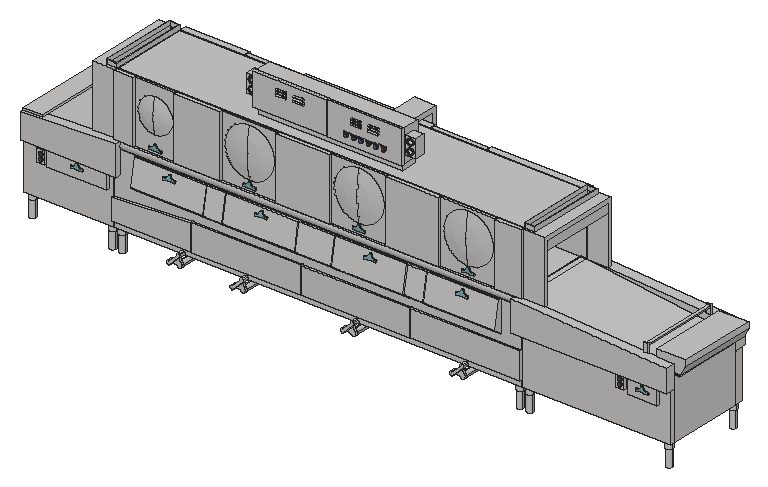
Revit family (continued)
Forms (in)
  Extrusion 123, solid, material "QF_Finishes_Stainless Steel"
    from 0 to 0.125
  Extrusion 124, solid, material "QF_Finishes_Stainless Steel"
    sketch origin (-8.125, -73.14175, 10.44389) x (1, 0, 0) y (0, 0.5, 0.866025)
      loop
        line (48.28388, 77.875) -> (52.28388, 77.875)
        arc (52.28388, 77.875) -> (52.10082, 78.31694) -> (51.65888, 78.5) r 0.625
        line (51.65888, 78.5) -> (48.90888, 78.5)
        arc (48.90888, 78.5) -> (48.46693, 78.31694) -> (48.28388, 77.875) r 0.625
    from 0 to 0.125
  Extrusion 125, solid, material "QF_Finishes_Stainless Steel"
    sketch origin (-8.125, -73.14175, 9.44389) x (1, 0, 0) y (0, 0.5, 0.866025)
      loop
        line (48.28388, 77.875) -> (52.28388, 77.875)
        arc (52.28388, 77.875) -> (52.10082, 78.31694) -> (51.65888, 78.5) r 0.625
        line (51.65888, 78.5) -> (48.90888, 78.5)
        arc (48.90888, 78.5) -> (48.46693, 78.31694) -> (48.28388, 77.875) r 0.625
    from 0 to 0.125
  Extrusion 126, solid, material "QF_Finishes_Stainless Steel"
    sketch origin (-8.125, -73.14175, 8.44389) x (1, 0, 0) y (0, 0.5, 0.866025)
      loop
        line (48.28388, 77.875) -> (52.28388, 77.875)
        arc (52.28388, 77.875) -> (52.10082, 78.31694) -> (51.65888, 78.5) r 0.625
        line (51.65888, 78.5) -> (48.90888, 78.5)
        arc (48.90888, 78.5) -> (48.46693, 78.31694) -> (48.28388, 77.875) r 0.625
    from 0 to 0.125
  Extrusion 127, solid, material "QF_Finishes_Stainless Steel"
    sketch origin (99.44275, -73.14175, 10.44389) x (-1, 0, 0) y (0, -0.5, -0.866025)
      loop
        arc (48.28388, -77.875) -> (48.46693, -78.31694) -> (48.90888, -78.5) r 0.625
        line (48.90888, -78.5) -> (51.65888, -78.5)
        arc (51.65888, -78.5) -> (52.10082, -78.31694) -> (52.28388, -77.875) r 0.625
        line (52.28388, -77.875) -> (48.28388, -77.875)
    from 0 to 0.125
  Extrusion 128, solid, material "QF_Finishes_Stainless Steel"
    sketch origin (99.44275, -73.14175, 9.44389) x (-1, 0, 0) y (0, -0.5, -0.866025)
      loop
        arc (48.28388, -77.875) -> (48.46693, -78.31694) -> (48.90888, -78.5) r 0.625
        line (48.90888, -78.5) -> (51.65888, -78.5)
        arc (51.65888, -78.5) -> (52.10082, -78.31694) -> (52.28388, -77.875) r 0.625
        line (52.28388, -77.875) -> (48.28388, -77.875)
    from 0 to 0.125
  Extrusion 129, solid, material "QF_Finishes_Stainless Steel"
    sketch origin (99.44275, -73.14175, 8.44389) x (-1, 0, 0) y (0, -0.5, -0.866025)
      loop
        arc (48.28388, -77.875) -> (48.46693, -78.31694) -> (48.90888, -78.5) r 0.625
        line (48.90888, -78.5) -> (51.65888, -78.5)
        arc (51.65888, -78.5) -> (52.10082, -78.31694) -> (52.28388, -77.875) r 0.625
        line (52.28388, -77.875) -> (48.28388, -77.875)
    from 0 to 0.125
  Extrusion 130, solid, material "QF_Finishes_Stainless Steel"
    sketch origin (-39.90362, 0, 0) x (0, 1, 0) y (0, 0, 1)
      loop
        circle (-20.25, 7) r 1
      loop
        circle (-20.25, 7) r 1.125
    from 0 to 235.625
  Extrusion 131, solid, material "QF_Finishes_Stainless Steel", visible <- "Unload End Drain"
    sketch origin (-39.90362, 0, 0) x (0, 1, 0) y (0, 0, 1)
      loop
        circle (-20.25, 7) r 1
    from 0 to 0.125
  Extrusion 132, solid, material "QF_Finishes_Stainless Steel", visible <- "Load End Drain"
    sketch origin (195.72138, 0, 0) x (0, 1, 0) y (0, 0, 1)
      loop
        circle (-20.25, 7) r 1
    from 0 to -0.125
  Sweep 133, solid, material "QF_Finishes_Stainless Steel", visible <- "Cold Water Aqua Stat"
    path origin (-31.27862, 0, 0) x (0, 1, 0) y (0, 0, 1)
      loop
        line (-16.75, 9) -> (-16.75, 7.5)
        arc (-16.75, 7.5) -> (-16.31066, 6.43934) -> (-15.25, 6) r 1.5
        line (-15.25, 6) -> (-8.5, 6)
    profile origin (-31.27862, -16.75, 8.25) x (1, 0, 0) y (0, 1, 0)
      loop
        circle (0, 0) r 0.375
      loop
        circle (0, 0) r 0.5
  Sweep 134, solid, material "QF_Finishes_Stainless Steel", visible <- "Cold Water Aqua Stat"
    path origin (178.72138, 0, 0) x (0, 1, 0) y (0, 0, 1)
      loop
        line (-16.75, 9) -> (-16.75, 7.5)
        arc (-16.75, 7.5) -> (-16.31066, 6.43934) -> (-15.25, 6) r 1.5
        line (-15.25, 6) -> (-8.5, 6)
    profile origin (178.72138, -16.75, 8.25) x (1, 0, 0) y (0, 1, 0)
      loop
        circle (0, 0) r 0.5
      loop
        circle (0, 0) r 0.625
  Extrusion 135, void
    sketch origin (22, -26, 0) x (1, 0, 0) y (0, 0, 1)
      loop
        circle (10.72138, 78.5) r 0.5
    from 0 to 0.25
  Extrusion 136, solid, material "QF_Finishes_Stainless Steel"
    sketch origin (0, -20.25, 0) x (1, 0, 0) y (0, 0, 1)
      loop
        circle (7.73519, 7) r 1
      loop
        circle (7.73519, 7) r 1.125
    from 0 to 21.5
  Extrusion 137, solid, material "QF_Finishes_Stainless Steel"
    sketch origin (12, -20.25, 0) x (1, 0, 0) y (0, 0, 1)
      loop
        circle (21.23519, 7) r 1
      loop
        circle (21.23519, 7) r 1.125
    from 0 to 21.5
  Extrusion 138, solid, material "QF_Finishes_Stainless Steel"
    sketch origin (7.21533, -42, -3.41935) x (0.707107, 0, 0.707107) y (-0.707107, 0, 0.707107)
      loop
        arc (6.61019, 7) -> (7.73519, 5.875) -> (8.86019, 7) r 1.125
        arc (8.86019, 7) -> (9.29112, 8.22931) -> (10.48519, 8.75) r 1.62946
        line (10.48519, 8.75) -> (4.98519, 8.75)
        arc (4.98519, 8.75) -> (6.17925, 8.22931) -> (6.61019, 7) r 1.62946
    from -0.25 to 0.25
  Extrusion 139, solid, material "QF_Finishes_Stainless Steel"
    sketch origin (32.71533, -42, -3.41935) x (0.707107, 0, 0.707107) y (-0.707107, 0, 0.707107)
      loop
        line (4.73519, 8.75) -> (10.73519, 8.75)
        arc (10.73519, 8.75) -> (11.08874, 8.89645) -> (11.23519, 9.25) r 0.5
        line (11.23519, 9.25) -> (11.23519, 9.75)
        arc (11.23519, 9.75) -> (11.08874, 10.10355) -> (10.73519, 10.25) r 0.5
        line (10.73519, 10.25) -> (10.23519, 10.25)
        arc (10.23519, 10.25) -> (10.05841, 10.17678) -> (9.98519, 10) r 0.25
        line (9.98519, 10) -> (9.98519, 9.75) -> (5.48519, 9.75) -> (5.48519, 10)
        arc (5.48519, 10) -> (5.41196, 10.17678) -> (5.23519, 10.25) r 0.25
        line (5.23519, 10.25) -> (4.73519, 10.25)
        arc (4.73519, 10.25) -> (4.38163, 10.10355) -> (4.23519, 9.75) r 0.5
        line (4.23519, 9.75) -> (4.23519, 9.25)
        arc (4.23519, 9.25) -> (4.38163, 8.89645) -> (4.73519, 8.75) r 0.5
    from -1 to 1
  Extrusion 140, solid, material "QF_Finishes_Stainless Steel"
    sketch origin (32.71533, -42, -3.41935) x (0.707107, 0, 0.707107) y (-0.707107, 0, 0.707107)
      loop
        arc (6.61019, 7) -> (7.73519, 5.875) -> (8.86019, 7) r 1.125
        arc (8.86019, 7) -> (9.29112, 8.22931) -> (10.48519, 8.75) r 1.62946
        line (10.48519, 8.75) -> (4.98519, 8.75)
        arc (4.98519, 8.75) -> (6.17925, 8.22931) -> (6.61019, 7) r 1.62946
    from -0.25 to 0.25
  Extrusion 141, solid, material "QF_Finishes_Stainless Steel"
    sketch origin (63, -20.25, 0) x (1, 0, 0) y (0, 0, 1)
      loop
        circle (14.73519, 7) r 1
      loop
        circle (14.73519, 7) r 1.125
    from 0 to 21.5
  Extrusion 142, solid, material "QF_Finishes_Stainless Steel"
    sketch origin (77.21533, -42, -3.41935) x (0.707107, 0, 0.707107) y (-0.707107, 0, 0.707107)
      loop
        line (4.73519, 8.75) -> (10.73519, 8.75)
        arc (10.73519, 8.75) -> (11.08874, 8.89645) -> (11.23519, 9.25) r 0.5
        line (11.23519, 9.25) -> (11.23519, 9.75)
        arc (11.23519, 9.75) -> (11.08874, 10.10355) -> (10.73519, 10.25) r 0.5
        line (10.73519, 10.25) -> (10.23519, 10.25)
        arc (10.23519, 10.25) -> (10.05841, 10.17678) -> (9.98519, 10) r 0.25
        line (9.98519, 10) -> (9.98519, 9.75) -> (5.48519, 9.75) -> (5.48519, 10)
        arc (5.48519, 10) -> (5.41196, 10.17678) -> (5.23519, 10.25) r 0.25
        line (5.23519, 10.25) -> (4.73519, 10.25)
        arc (4.73519, 10.25) -> (4.38163, 10.10355) -> (4.23519, 9.75) r 0.5
        line (4.23519, 9.75) -> (4.23519, 9.25)
        arc (4.23519, 9.25) -> (4.38163, 8.89645) -> (4.73519, 8.75) r 0.5
    from -1 to 1
  Extrusion 143, solid, material "QF_Finishes_Stainless Steel"
    sketch origin (77.21533, -42, -3.41935) x (0.707107, 0, 0.707107) y (-0.707107, 0, 0.707107)
      loop
        arc (6.61019, 7) -> (7.73519, 5.875) -> (8.86019, 7) r 1.125
        arc (8.86019, 7) -> (9.29112, 8.22931) -> (10.48519, 8.75) r 1.62946
        line (10.48519, 8.75) -> (4.98519, 8.75)
        arc (4.98519, 8.75) -> (6.17925, 8.22931) -> (6.61019, 7) r 1.62946
    from -0.25 to 0.25
  Extrusion 144, solid, material "QF_Finishes_Stainless Steel"
    sketch origin (7.21533, -42, -3.41935) x (0.707107, 0, 0.707107) y (-0.707107, 0, 0.707107)
      loop
        line (4.73519, 8.75) -> (10.73519, 8.75)
        arc (10.73519, 8.75) -> (11.08874, 8.89645) -> (11.23519, 9.25) r 0.5
        line (11.23519, 9.25) -> (11.23519, 9.75)
        arc (11.23519, 9.75) -> (11.08874, 10.10355) -> (10.73519, 10.25) r 0.5
        line (10.73519, 10.25) -> (10.23519, 10.25)
        arc (10.23519, 10.25) -> (10.05841, 10.17678) -> (9.98519, 10) r 0.25
        line (9.98519, 10) -> (9.98519, 9.75) -> (5.48519, 9.75) -> (5.48519, 10)
        arc (5.48519, 10) -> (5.41196, 10.17678) -> (5.23519, 10.25) r 0.25
        line (5.23519, 10.25) -> (4.73519, 10.25)
        arc (4.73519, 10.25) -> (4.38163, 10.10355) -> (4.23519, 9.75) r 0.5
        line (4.23519, 9.75) -> (4.23519, 9.25)
        arc (4.23519, 9.25) -> (4.38163, 8.89645) -> (4.73519, 8.75) r 0.5
    from -1 to 1
  Extrusion 145, solid, material "QF_Finishes_Black", not visible
    sketch origin (0, -32.25, 0) x (1, 0, 0) y (0, 0, 1)
      loop
        circle (6.84638, 76.75) r 1.25
      loop
        circle (6.84638, 76.75) r 1
    from 0 to 0.25
  Extrusion 146, solid, material "QF_Finishes_White", not visible
    sketch origin (0, -32.25, 0) x (1, 0, 0) y (0, 0, 1)
      loop
        circle (6.84638, 76.75) r 1
    from 0 to 0.0625
  Extrusion 147, solid, material "QF_Finishes_Black", not visible
    sketch origin (33.66291, -34, -18.39967) x (1, 0, 0) y (0, 0, 1)
      loop
        line (19.62096, 91.02467) -> (17.62096, 91.02467) -> (17.62096, 90.77467) -> (19.62096, 90.77467) -> (19.62096, 91.02467)
      loop
        line (16.62096, 91.02467) -> (14.62096, 91.02467) -> (14.62096, 90.77467) -> (16.62096, 90.77467) -> (16.62096, 91.02467)
      loop
        line (20.62096, 91.02467) -> (20.62096, 90.77467) -> (22.62096, 90.77467) -> (22.62096, 91.02467) -> (20.62096, 91.02467)
      loop
        line (23.62096, 91.02467) -> (23.62096, 90.77467) -> (25.62096, 90.77467) -> (25.62096, 91.02467) -> (23.62096, 91.02467)
      loop
        line (13.62096, 91.02467) -> (11.62096, 91.02467) -> (11.62096, 90.77467) -> (13.62096, 90.77467) -> (13.62096, 91.02467)
      loop
        line (26.62096, 91.02467) -> (26.62096, 90.77467) -> (28.62096, 90.77467) -> (28.62096, 91.02467) -> (26.62096, 91.02467)
    from 0 to 0.25
  Extrusion 148, solid, material "QF_Finishes_Navy Blue", not visible
    sketch origin (34.03783, -34, -18.39967) x (1, 0, 0) y (0, 0, 1)
      loop
        circle (15.24605, 89.89967) r 0.625
    from 0.125 to 0.375
  Extrusion 149, solid, material "QF_Finishes_Navy Blue", not visible
    sketch origin (34.03783, -34, -18.39967) x (1, 0, 0) y (0, 0, 1)
      loop
        circle (18.24605, 89.89967) r 0.625
    from 0.125 to 0.375
  Extrusion 150, solid, material "QF_Finishes_LED Green", not visible
    sketch origin (34.03783, -34, -18.39967) x (1, 0, 0) y (0, 0, 1)
      loop
        circle (21.24605, 89.89967) r 0.625
    from 0.125 to 0.375
  Extrusion 151, solid, material "QF_Finishes_Navy Blue", not visible
    sketch origin (34.03783, -34, -18.39967) x (1, 0, 0) y (0, 0, 1)
      loop
        circle (24.24605, 89.89967) r 0.625
    from 0.125 to 0.375
  Extrusion 152, solid, material "QF_Finishes_Black", not visible
    sketch origin (34.03783, -34, -18.39967) x (1, 0, 0) y (0, 0, 1)
      loop
        line (15.99605, 89.89967) -> (15.99605, 90.77467) -> (14.49605, 90.77467) -> (14.49605, 89.89967)
        arc (14.49605, 89.89967) -> (15.24605, 89.14967) -> (15.99605, 89.89967) r 0.75
      loop
        line (18.99605, 89.89967) -> (18.99605, 90.77467) -> (17.49605, 90.77467) -> (17.49605, 89.89967)
        arc (17.49605, 89.89967) -> (18.24605, 89.14967) -> (18.99605, 89.89967) r 0.75
      loop
        line (21.99605, 89.89967) -> (21.99605, 90.77467) -> (20.49605, 90.77467) -> (20.49605, 89.89967)
        arc (20.49605, 89.89967) -> (21.24605, 89.14967) -> (21.99605, 89.89967) r 0.75
      loop
        line (24.99605, 89.89967) -> (24.99605, 90.77467) -> (23.49605, 90.77467) -> (23.49605, 89.89967)
        arc (23.49605, 89.89967) -> (24.24605, 89.14967) -> (24.99605, 89.89967) r 0.75
      loop
        line (12.99605, 89.89967) -> (12.99605, 90.77467) -> (11.49605, 90.77467) -> (11.49605, 89.89967)
        arc (11.49605, 89.89967) -> (12.24605, 89.14967) -> (12.99605, 89.89967) r 0.75
      loop
        line (27.99605, 89.89967) -> (27.99605, 90.77467) -> (26.49605, 90.77467) -> (26.49605, 89.89967)
        arc (26.49605, 89.89967) -> (27.24605, 89.14967) -> (27.99605, 89.89967) r 0.75
    from 0 to 0.125
  Extrusion 153, solid, material "QF_Finishes_Black", not visible
    sketch origin (0, -32.25, -3.5) x (1, 0, 0) y (0, 0, 1)
      loop
        circle (6.84638, 76.75) r 1.25
      loop
        circle (6.84638, 76.75) r 1
    from 0 to 0.25
  Extrusion 154, solid, material "QF_Finishes_White", not visible
    sketch origin (0, -32.25, -3.5) x (1, 0, 0) y (0, 0, 1)
      loop
        circle (6.84638, 76.75) r 1
    from 0 to 0.0625
  Extrusion 155, solid, material "QF_Finishes_Black", not visible
    sketch origin (63.875, -32.25, 0) x (1, 0, 0) y (0, 0, 1)
      loop
        circle (6.84638, 76.75) r 1.25
      loop
        circle (6.84638, 76.75) r 1
    from 0 to 0.25
  Extrusion 156, solid, material "QF_Finishes_White", not visible
    sketch origin (63.875, -32.25, 0) x (1, 0, 0) y (0, 0, 1)
      loop
        circle (6.84638, 76.75) r 1
    from 0 to 0.0625
  Extrusion 157, solid, material "QF_Finishes_Black", not visible
    sketch origin (63.875, -32.25, -3.5) x (1, 0, 0) y (0, 0, 1)
      loop
        circle (6.84638, 76.75) r 1.25
      loop
        circle (6.84638, 76.75) r 1
    from 0 to 0.25
  Extrusion 158, solid, material "QF_Finishes_White", not visible
    sketch origin (63.875, -32.25, -3.5) x (1, 0, 0) y (0, 0, 1)
      loop
        circle (6.84638, 76.75) r 1
    from 0 to 0.0625
  Extrusion 159, solid, material "QF_Finishes_Navy Blue", not visible
    sketch origin (31.03783, -34, -18.39967) x (1, 0, 0) y (0, 0, 1)
      loop
        circle (15.24605, 89.89967) r 0.625
    from 0.125 to 0.375
  Extrusion 160, solid, material "QF_Finishes_LED Red", not visible
    sketch origin (46.03783, -34, -18.39967) x (1, 0, 0) y (0, 0, 1)
      loop
        circle (15.24605, 89.89967) r 0.625
    from 0.125 to 0.375
  Extrusion 161, solid, material "QF_Finishes_Stainless Steel", not visible
    sketch origin (0, -73.14175, 10.44389) x (1, 0, 0) y (0, 0.5, 0.866025)
      loop
        line (48.28388, 77.875) -> (52.28388, 77.875)
        arc (52.28388, 77.875) -> (52.10082, 78.31694) -> (51.65888, 78.5) r 0.625
        line (51.65888, 78.5) -> (48.90888, 78.5)
        arc (48.90888, 78.5) -> (48.46693, 78.31694) -> (48.28388, 77.875) r 0.625
    from 0 to 0.125
  Extrusion 162, solid, material "QF_Finishes_Stainless Steel", not visible
    sketch origin (0, -73.14175, 9.44389) x (1, 0, 0) y (0, 0.5, 0.866025)
      loop
        line (48.28388, 77.875) -> (52.28388, 77.875)
        arc (52.28388, 77.875) -> (52.10082, 78.31694) -> (51.65888, 78.5) r 0.625
        line (51.65888, 78.5) -> (48.90888, 78.5)
        arc (48.90888, 78.5) -> (48.46693, 78.31694) -> (48.28388, 77.875) r 0.625
    from 0 to 0.125
  Extrusion 163, solid, material "QF_Finishes_Stainless Steel", not visible
    sketch origin (0, -73.14175, 8.44389) x (1, 0, 0) y (0, 0.5, 0.866025)
      loop
        line (48.28388, 77.875) -> (52.28388, 77.875)
        arc (52.28388, 77.875) -> (52.10082, 78.31694) -> (51.65888, 78.5) r 0.625
        line (51.65888, 78.5) -> (48.90888, 78.5)
        arc (48.90888, 78.5) -> (48.46693, 78.31694) -> (48.28388, 77.875) r 0.625
    from 0 to 0.125
  Extrusion 164, solid, material "QF_Finishes_Stainless Steel", not visible
    sketch origin (107.56775, -73.14175, 10.44389) x (-1, 0, 0) y (0, -0.5, -0.866025)
      loop
        arc (48.28388, -77.875) -> (48.46693, -78.31694) -> (48.90888, -78.5) r 0.625
        line (48.90888, -78.5) -> (51.65888, -78.5)
        arc (51.65888, -78.5) -> (52.10082, -78.31694) -> (52.28388, -77.875) r 0.625
        line (52.28388, -77.875) -> (48.28388, -77.875)
    from 0 to 0.125
  Extrusion 165, solid, material "QF_Finishes_Stainless Steel", not visible
    sketch origin (107.56775, -73.14175, 9.44389) x (-1, 0, 0) y (0, -0.5, -0.866025)
      loop
        arc (48.28388, -77.875) -> (48.46693, -78.31694) -> (48.90888, -78.5) r 0.625
        line (48.90888, -78.5) -> (51.65888, -78.5)
        arc (51.65888, -78.5) -> (52.10082, -78.31694) -> (52.28388, -77.875) r 0.625
        line (52.28388, -77.875) -> (48.28388, -77.875)
    from 0 to 0.125
  Extrusion 166, solid, material "QF_Finishes_Stainless Steel", not visible
    sketch origin (107.56775, -73.14175, 8.44389) x (-1, 0, 0) y (0, -0.5, -0.866025)
      loop
        arc (48.28388, -77.875) -> (48.46693, -78.31694) -> (48.90888, -78.5) r 0.625
        line (48.90888, -78.5) -> (51.65888, -78.5)
        arc (51.65888, -78.5) -> (52.10082, -78.31694) -> (52.28388, -77.875) r 0.625
        line (52.28388, -77.875) -> (48.28388, -77.875)
    from 0 to 0.125
  Extrusion 167, solid, material "QF_Finishes_Stainless Steel", not visible
    sketch origin (-30.125, -73.14175, 10.44389) x (1, 0, 0) y (0, 0.5, 0.866025)
      loop
        line (48.28388, 77.875) -> (52.28388, 77.875)
        arc (52.28388, 77.875) -> (52.10082, 78.31694) -> (51.65888, 78.5) r 0.625
        line (51.65888, 78.5) -> (48.90888, 78.5)
        arc (48.90888, 78.5) -> (48.46693, 78.31694) -> (48.28388, 77.875) r 0.625
    from 0 to 0.125
  Extrusion 168, solid, material "QF_Finishes_Stainless Steel", not visible
    sketch origin (-30.125, -73.14175, 9.44389) x (1, 0, 0) y (0, 0.5, 0.866025)
      loop
        line (48.28388, 77.875) -> (52.28388, 77.875)
        arc (52.28388, 77.875) -> (52.10082, 78.31694) -> (51.65888, 78.5) r 0.625
        line (51.65888, 78.5) -> (48.90888, 78.5)
        arc (48.90888, 78.5) -> (48.46693, 78.31694) -> (48.28388, 77.875) r 0.625
    from 0 to 0.125
  Extrusion 169, solid, material "QF_Finishes_Stainless Steel", not visible
    sketch origin (-30.125, -73.14175, 8.44389) x (1, 0, 0) y (0, 0.5, 0.866025)
      loop
        line (48.28388, 77.875) -> (52.28388, 77.875)
        arc (52.28388, 77.875) -> (52.10082, 78.31694) -> (51.65888, 78.5) r 0.625
        line (51.65888, 78.5) -> (48.90888, 78.5)
        arc (48.90888, 78.5) -> (48.46693, 78.31694) -> (48.28388, 77.875) r 0.625
    from 0 to 0.125
  Extrusion 170, solid, material "QF_Finishes_Stainless Steel", not visible
    sketch origin (77.44275, -73.14175, 10.44389) x (-1, 0, 0) y (0, -0.5, -0.866025)
      loop
        arc (48.28388, -77.875) -> (48.46693, -78.31694) -> (48.90888, -78.5) r 0.625
        line (48.90888, -78.5) -> (51.65888, -78.5)
        arc (51.65888, -78.5) -> (52.10082, -78.31694) -> (52.28388, -77.875) r 0.625
        line (52.28388, -77.875) -> (48.28388, -77.875)
    from 0 to 0.125
  Extrusion 171, solid, material "QF_Finishes_Stainless Steel", not visible
    sketch origin (77.44275, -73.14175, 9.44389) x (-1, 0, 0) y (0, -0.5, -0.866025)
      loop
        arc (48.28388, -77.875) -> (48.46693, -78.31694) -> (48.90888, -78.5) r 0.625
        line (48.90888, -78.5) -> (51.65888, -78.5)
        arc (51.65888, -78.5) -> (52.10082, -78.31694) -> (52.28388, -77.875) r 0.625
        line (52.28388, -77.875) -> (48.28388, -77.875)
    from 0 to 0.125
  Extrusion 172, solid, material "QF_Finishes_Stainless Steel", not visible
    sketch origin (77.44275, -73.14175, 8.44389) x (-1, 0, 0) y (0, -0.5, -0.866025)
      loop
        arc (48.28388, -77.875) -> (48.46693, -78.31694) -> (48.90888, -78.5) r 0.625
        line (48.90888, -78.5) -> (51.65888, -78.5)
        arc (51.65888, -78.5) -> (52.10082, -78.31694) -> (52.28388, -77.875) r 0.625
        line (52.28388, -77.875) -> (48.28388, -77.875)
    from 0 to 0.125
  Extrusion 173, solid, material "QF_Finishes_Stainless Steel", not visible
    sketch origin (0, -20.25, 0) x (1, 0, 0) y (0, 0, 1)
      loop
        circle (7.73519, 7) r 1
      loop
        circle (7.73519, 7) r 1.125
    from 0 to 21.5
  Extrusion 174, solid, material "QF_Finishes_Stainless Steel", not visible
    sketch origin (12, -20.25, 0) x (1, 0, 0) y (0, 0, 1)
      loop
        circle (21.23519, 7) r 1
      loop
        circle (21.23519, 7) r 1.125
    from 0 to 21.5
  Extrusion 175, solid, material "QF_Finishes_Stainless Steel", not visible
    sketch origin (7.21533, -42, -3.41935) x (0.707107, 0, 0.707107) y (-0.707107, 0, 0.707107)
      loop
        arc (6.61019, 7) -> (7.73519, 5.875) -> (8.86019, 7) r 1.125
        arc (8.86019, 7) -> (9.29112, 8.22931) -> (10.48519, 8.75) r 1.62946
        line (10.48519, 8.75) -> (4.98519, 8.75)
        arc (4.98519, 8.75) -> (6.17925, 8.22931) -> (6.61019, 7) r 1.62946
    from -0.25 to 0.25
  Extrusion 176, solid, material "QF_Finishes_Stainless Steel", not visible
    sketch origin (32.71533, -42, -3.41935) x (0.707107, 0, 0.707107) y (-0.707107, 0, 0.707107)
      loop
        line (4.73519, 8.75) -> (10.73519, 8.75)
        arc (10.73519, 8.75) -> (11.08874, 8.89645) -> (11.23519, 9.25) r 0.5
        line (11.23519, 9.25) -> (11.23519, 9.75)
        arc (11.23519, 9.75) -> (11.08874, 10.10355) -> (10.73519, 10.25) r 0.5
        line (10.73519, 10.25) -> (10.23519, 10.25)
        arc (10.23519, 10.25) -> (10.05841, 10.17678) -> (9.98519, 10) r 0.25
        line (9.98519, 10) -> (9.98519, 9.75) -> (5.48519, 9.75) -> (5.48519, 10)
        arc (5.48519, 10) -> (5.41196, 10.17678) -> (5.23519, 10.25) r 0.25
        line (5.23519, 10.25) -> (4.73519, 10.25)
        arc (4.73519, 10.25) -> (4.38163, 10.10355) -> (4.23519, 9.75) r 0.5
        line (4.23519, 9.75) -> (4.23519, 9.25)
        arc (4.23519, 9.25) -> (4.38163, 8.89645) -> (4.73519, 8.75) r 0.5
    from -1 to 1
  Extrusion 177, solid, material "QF_Finishes_Stainless Steel", not visible
    sketch origin (32.71533, -42, -3.41935) x (0.707107, 0, 0.707107) y (-0.707107, 0, 0.707107)
      loop
        arc (6.61019, 7) -> (7.73519, 5.875) -> (8.86019, 7) r 1.125
        arc (8.86019, 7) -> (9.29112, 8.22931) -> (10.48519, 8.75) r 1.62946
        line (10.48519, 8.75) -> (4.98519, 8.75)
        arc (4.98519, 8.75) -> (6.17925, 8.22931) -> (6.61019, 7) r 1.62946
    from -0.25 to 0.25
  Extrusion 178, solid, material "QF_Finishes_Stainless Steel", not visible
    sketch origin (63, -20.25, 0) x (1, 0, 0) y (0, 0, 1)
      loop
        circle (14.73519, 7) r 1
      loop
        circle (14.73519, 7) r 1.125
    from 0 to 21.5
  Extrusion 179, solid, material "QF_Finishes_Stainless Steel", not visible
    sketch origin (77.21533, -42, -3.41935) x (0.707107, 0, 0.707107) y (-0.707107, 0, 0.707107)
      loop
        line (4.73519, 8.75) -> (10.73519, 8.75)
        arc (10.73519, 8.75) -> (11.08874, 8.89645) -> (11.23519, 9.25) r 0.5
        line (11.23519, 9.25) -> (11.23519, 9.75)
        arc (11.23519, 9.75) -> (11.08874, 10.10355) -> (10.73519, 10.25) r 0.5
        line (10.73519, 10.25) -> (10.23519, 10.25)
        arc (10.23519, 10.25) -> (10.05841, 10.17678) -> (9.98519, 10) r 0.25
        line (9.98519, 10) -> (9.98519, 9.75) -> (5.48519, 9.75) -> (5.48519, 10)
        arc (5.48519, 10) -> (5.41196, 10.17678) -> (5.23519, 10.25) r 0.25
        line (5.23519, 10.25) -> (4.73519, 10.25)
        arc (4.73519, 10.25) -> (4.38163, 10.10355) -> (4.23519, 9.75) r 0.5
        line (4.23519, 9.75) -> (4.23519, 9.25)
        arc (4.23519, 9.25) -> (4.38163, 8.89645) -> (4.73519, 8.75) r 0.5
    from -1 to 1
  Extrusion 180, solid, material "QF_Finishes_Stainless Steel", not visible
    sketch origin (77.21533, -42, -3.41935) x (0.707107, 0, 0.707107) y (-0.707107, 0, 0.707107)
      loop
        arc (6.61019, 7) -> (7.73519, 5.875) -> (8.86019, 7) r 1.125
        arc (8.86019, 7) -> (9.29112, 8.22931) -> (10.48519, 8.75) r 1.62946
        line (10.48519, 8.75) -> (4.98519, 8.75)
        arc (4.98519, 8.75) -> (6.17925, 8.22931) -> (6.61019, 7) r 1.62946
    from -0.25 to 0.25
  Extrusion 181, solid, material "QF_Finishes_Stainless Steel", not visible
    sketch origin (7.21533, -42, -3.41935) x (0.707107, 0, 0.707107) y (-0.707107, 0, 0.707107)
      loop
        line (4.73519, 8.75) -> (10.73519, 8.75)
        arc (10.73519, 8.75) -> (11.08874, 8.89645) -> (11.23519, 9.25) r 0.5
        line (11.23519, 9.25) -> (11.23519, 9.75)
        arc (11.23519, 9.75) -> (11.08874, 10.10355) -> (10.73519, 10.25) r 0.5
        line (10.73519, 10.25) -> (10.23519, 10.25)
        arc (10.23519, 10.25) -> (10.05841, 10.17678) -> (9.98519, 10) r 0.25
        line (9.98519, 10) -> (9.98519, 9.75) -> (5.48519, 9.75) -> (5.48519, 10)
        arc (5.48519, 10) -> (5.41196, 10.17678) -> (5.23519, 10.25) r 0.25
        line (5.23519, 10.25) -> (4.73519, 10.25)
        arc (4.73519, 10.25) -> (4.38163, 10.10355) -> (4.23519, 9.75) r 0.5
        line (4.23519, 9.75) -> (4.23519, 9.25)
        arc (4.23519, 9.25) -> (4.38163, 8.89645) -> (4.73519, 8.75) r 0.5
    from -1 to 1
  Extrusion 182, solid, material "QF_Finishes_Stainless Steel", visible <- "Swing Doors"
    sketch origin (0, 0, 65.5) x (0, 1, 0) y (-1, 0, 0)
      loop
        line (-38.25, 13.27862) -> (-39, 13.27862) -> (-39, -2.59638) -> (-38.25, -2.59638) -> (-38.25, 13.27862)
    from 0 to -24.875
  Extrusion 183, solid, material "QF_Finishes_Stainless Steel", visible <- "Swing Doors"
    sketch origin (0, 0, 65.5) x (0, 1, 0) y (-1, 0, 0)
      loop
        line (-38.25, -21.72138) -> (-39, -21.72138) -> (-39, -32.65888) -> (-38.25, -32.65888) -> (-38.25, -21.72138)
    from 0 to -24.875
  Extrusion 184, solid, material "QF_Finishes_Stainless Steel", visible <- "Swing Doors"
    sketch origin (0, 0, 65.5) x (0, 1, 0) y (-1, 0, 0)
      loop
        line (-38.25, -32.78388) -> (-39, -32.78388) -> (-39, -43.72138) -> (-38.25, -43.72138) -> (-38.25, -32.78388)
    from 0 to -24.875
  Extrusion 185, solid, material "QF_Finishes_Stainless Steel", visible <- "Swing Doors"
    sketch origin (1.64366, 34, 62.4375) x (0, 1, 0) y (-1, 0, 0)
      loop
        circle (-73.25, -19.82772) r 0.25
    from 0 to -3
  Extrusion 186, solid, material "QF_Finishes_Stainless Steel", visible <- "Swing Doors"
    sketch origin (1.64366, 34, 45.8125) x (0, 1, 0) y (-1, 0, 0)
      loop
        circle (-73.25, -19.82772) r 0.25
    from 0 to -3
  Sweep 187, solid, material "QF_Finishes_Stainless Steel", visible <- "Swing Doors"
    path origin (31.28388, 53.39484, 58) x (0, 1, 0) y (0, 0, 1)
      loop
        line (-92.39484, -0.9375) -> (-93.01984, -0.9375)
        arc (-93.01984, -0.9375) -> (-93.37339, -1.08395) -> (-93.51984, -1.4375) r 0.5
        line (-93.51984, -1.4375) -> (-93.51984, -9.6875)
        arc (-93.51984, -9.6875) -> (-93.37339, -10.04105) -> (-93.01984, -10.1875) r 0.5
        line (-93.01984, -10.1875) -> (-92.39484, -10.1875)
    profile origin (31.28388, -39.3125, 57.0625) x (0, 0, -1) y (1, 0, 0)
      loop
        circle (0, 0) r 0.375
  Extrusion 188, solid, material "QF_Finishes_Stainless Steel", visible <- "Swing Doors"
    sketch origin (37.64366, 34, 62.4375) x (0, 1, 0) y (-1, 0, 0)
      loop
        circle (-73.25, -6.32772) r 0.25
    from 0 to -3
  Extrusion 189, solid, material "QF_Finishes_Stainless Steel", visible <- "Swing Doors"
    sketch origin (37.64366, 34, 45.8125) x (0, 1, 0) y (-1, 0, 0)
      loop
        circle (-73.25, -6.32772) r 0.25
    from 0 to -3
  Extrusion 190, solid, material "QF_Finishes_Stainless Steel", visible <- "Swing Doors"
    sketch origin (-26.60634, 34, 62.4375) x (0, 1, 0) y (-1, 0, 0)
      loop
        circle (-73.25, -13.07772) r 0.25
    from 0 to -3
  Extrusion 191, solid, material "QF_Finishes_Stainless Steel", visible <- "Swing Doors"
    sketch origin (-26.60634, 34, 45.8125) x (0, 1, 0) y (-1, 0, 0)
      loop
        circle (-73.25, -13.07772) r 0.25
    from 0 to -3
  Sweep 192, solid, material "QF_Finishes_Stainless Steel", visible <- "Swing Doors"
    path origin (1.28388, 45.33582, 48) x (0, 1, 0) y (0, 0, 1)
      loop
        line (-84.33582, 9.0625) -> (-84.96082, 9.0625)
        arc (-84.96082, 9.0625) -> (-85.31438, 8.91605) -> (-85.46082, 8.5625) r 0.5
        line (-85.46082, 8.5625) -> (-85.46082, 0.3125)
        arc (-85.46082, 0.3125) -> (-85.31438, -0.04105) -> (-84.96082, -0.1875) r 0.5
        line (-84.96082, -0.1875) -> (-84.33582, -0.1875)
    profile origin (1.28388, -39.3125, 57.0625) x (0, 0, -1) y (1, 0, 0)
      loop
        circle (0, 0) r 0.375
  Sweep 193, solid, material "QF_Finishes_Stainless Steel", visible <- "Swing Doors"
    path origin (34.15888, 53.39484, 48) x (0, 1, 0) y (0, 0, 1)
      loop
        line (-92.39484, 9.0625) -> (-93.01984, 9.0625)
        arc (-93.01984, 9.0625) -> (-93.37339, 8.91605) -> (-93.51984, 8.5625) r 0.5
        line (-93.51984, 8.5625) -> (-93.51984, 0.3125)
        arc (-93.51984, 0.3125) -> (-93.37339, -0.04105) -> (-93.01984, -0.1875) r 0.5
        line (-93.01984, -0.1875) -> (-92.39484, -0.1875)
    profile origin (34.15888, -39.3125, 57.0625) x (0, 0, -1) y (1, 0, 0)
      loop
        circle (0, 0) r 0.375
  Extrusion 194, solid, material "QF_Finishes_Clearances", visible <- "Standard Doors", detail levels coarse
    sketch origin (0, 0, 65.5) x (0, 1, 0) y (-1, 0, 0)
      loop
        line (-38.25, 13.52862) -> (-39, 13.52862) -> (-39, -2.72138) -> (-38.25, -2.72138) -> (-38.25, 13.52862)
    from 0 to 28
  Extrusion 195, solid, material "QF_Finishes_Clearances", visible <- "Standard Doors", detail levels coarse
    sketch origin (0, 0, 65.5) x (0, 1, 0) y (-1, 0, 0)
      loop
        line (-38.25, -21.47138) -> (-39, -21.47138) -> (-39, -43.97138) -> (-38.25, -43.97138) -> (-38.25, -21.47138)
    from 0 to 28
  Sweep 196, solid, material "QF_Finishes_Stainless Steel"
    path origin (166.72138, 20.50153, 48) x (0, 1, 0) y (0, 0, 1)
      loop
        line (-37.25153, -39) -> (-37.25153, -40.5)
        arc (-37.25153, -40.5) -> (-36.81219, -41.56066) -> (-35.75153, -42) r 1.5
        line (-35.75153, -42) -> (-29.00153, -42)
    profile origin (166.72138, -16.75, 8.25) x (1, 0, 0) y (0, 1, 0)
      loop
        circle (0, 0) r 1
      loop
        circle (0, 0) r 1.125
  Extrusion 197, solid, material "QF_Finishes_Stainless Steel"
    sketch origin (-22, 0, 65.5) x (0, 1, 0) y (-1, 0, 0)
      loop
        line (-37.25, -87.47138) -> (-38.25, -87.47138) -> (-38.25, -109.97138) -> (-37.25, -109.97138) -> (-37.25, -87.47138)
    from 0 to -24.875
  Revolve 198, solid, material "QF_Finishes_Stainless Steel", visible <- "Standard Doors"
    sketch origin (76.72138, 53.39484, 48) x (0, 1, 0) y (0, 0, 1)
      loop
        line (-91.64484, 6.49826) -> (-91.64484, 16.49826)
        arc (-91.64484, 16.49826) -> (-92.40727, 11.52451) -> (-92.64484, 6.49826) r 48
        line (-92.64484, 6.49826) -> (-91.64484, 6.49826)
      axis (-91.64484, 6.49826) -> (-92.64484, 6.49826)
    angle from 0 to 360
  Extrusion 199, solid, material "QF_Finishes_Light Blue", visible <- "Standard Doors"
    sketch origin (10.39366, -38.75, 10.99826) x (-1, 0, 0) y (0, 0, 1)
      loop
        line (-65.71645, 30.65632) -> (-64.08461, 30.57309)
        arc (-64.08461, 30.57309) -> (-63.90443, 30.64773) -> (-63.82979, 30.82792) r 0.25483
        line (-63.82979, 30.82792) -> (-63.82979, 31.31285)
        arc (-63.82979, 31.31285) -> (-63.90343, 31.49062) -> (-64.08121, 31.56426) r 0.25142
        arc (-64.08121, 31.56426) -> (-65.22593, 31.7803) -> (-65.90311, 32.72819) r 1.56264
        arc (-65.90311, 32.72819) -> (-66.31726, 33.06213) -> (-66.74741, 32.74907) r 0.43733
        arc (-66.74741, 32.74907) -> (-67.42049, 31.78611) -> (-68.57423, 31.56426) r 1.56264
        arc (-68.57423, 31.56426) -> (-68.75201, 31.49062) -> (-68.82565, 31.31285) r 0.25142
        line (-68.82565, 31.31285) -> (-68.82565, 30.82792)
        arc (-68.82565, 30.82792) -> (-68.75101, 30.64773) -> (-68.57082, 30.57309) r 0.25483
        line (-68.57082, 30.57309) -> (-66.93898, 30.65632)
        arc (-66.93898, 30.65632) -> (-66.32772, 30.6719) -> (-65.71645, 30.65632) r 12
    from 0.5 to 0.4375
  Extrusion 200, solid, material "QF_Finishes_Stainless Steel", visible <- "Swing Doors"
    sketch origin (-22, 0, 65.5) x (0, 1, 0) y (-1, 0, 0)
      loop
        line (-38.25, -87.72138) -> (-39, -87.72138) -> (-39, -98.65888) -> (-38.25, -98.65888) -> (-38.25, -87.72138)
    from 0 to -24.875
  Extrusion 201, solid, material "QF_Finishes_Stainless Steel", visible <- "Swing Doors"
    sketch origin (-22, 0, 65.5) x (0, 1, 0) y (-1, 0, 0)
      loop
        line (-38.25, -98.78388) -> (-39, -98.78388) -> (-39, -109.72138) -> (-38.25, -109.72138) -> (-38.25, -98.78388)
    from 0 to -24.875
  Extrusion 202, solid, material "QF_Finishes_Stainless Steel", visible <- "Swing Doors"
    sketch origin (23.64366, 34, 62.4375) x (0, 1, 0) y (-1, 0, 0)
      loop
        circle (-73.25, -41.82772) r 0.25
    from 0 to -3
  Extrusion 203, solid, material "QF_Finishes_Stainless Steel", visible <- "Swing Doors"
    sketch origin (23.64366, 34, 45.8125) x (0, 1, 0) y (-1, 0, 0)
      loop
        circle (-73.25, -41.82772) r 0.25
    from 0 to -3
  Extrusion 204, solid, material "QF_Finishes_Stainless Steel", visible <- "Swing Doors"
    sketch origin (59.64366, 34, 62.4375) x (0, 1, 0) y (-1, 0, 0)
      loop
        circle (-73.25, -28.32772) r 0.25
    from 0 to -3
  Extrusion 205, solid, material "QF_Finishes_Stainless Steel", visible <- "Swing Doors"
    sketch origin (59.64366, 34, 45.8125) x (0, 1, 0) y (-1, 0, 0)
      loop
        circle (-73.25, -28.32772) r 0.25
    from 0 to -3
  Sweep 206, solid, material "QF_Finishes_Stainless Steel", visible <- "Swing Doors"
    path origin (75.28388, 53.39484, 48) x (0, 1, 0) y (0, 0, 1)
      loop
        line (-92.39484, 9.0625) -> (-93.01984, 9.0625)
        arc (-93.01984, 9.0625) -> (-93.37339, 8.91605) -> (-93.51984, 8.5625) r 0.5
        line (-93.51984, 8.5625) -> (-93.51984, 0.3125)
        arc (-93.51984, 0.3125) -> (-93.37339, -0.04105) -> (-93.01984, -0.1875) r 0.5
        line (-93.01984, -0.1875) -> (-92.39484, -0.1875)
    profile origin (75.28388, -39.3125, 57.0625) x (0, 0, -1) y (1, 0, 0)
      loop
        circle (0, 0) r 0.375
  Sweep 207, solid, material "QF_Finishes_Stainless Steel", visible <- "Swing Doors"
    path origin (78.15888, 53.39484, 48) x (0, 1, 0) y (0, 0, 1)
      loop
        line (-92.39484, 9.0625) -> (-93.01984, 9.0625)
        arc (-93.01984, 9.0625) -> (-93.37339, 8.91605) -> (-93.51984, 8.5625) r 0.5
        line (-93.51984, 8.5625) -> (-93.51984, 0.3125)
        arc (-93.51984, 0.3125) -> (-93.37339, -0.04105) -> (-93.01984, -0.1875) r 0.5
        line (-93.01984, -0.1875) -> (-92.39484, -0.1875)
    profile origin (78.15888, -39.3125, 57.0625) x (0, 0, -1) y (1, 0, 0)
      loop
        circle (0, 0) r 0.375
  Extrusion 208, solid, material "QF_Finishes_Clearances", visible <- "Standard Doors", detail levels coarse
    sketch origin (22, 0, 65.5) x (0, 1, 0) y (-1, 0, 0)
      loop
        line (-38.25, -43.47138) -> (-39, -43.47138) -> (-39, -65.97138) -> (-38.25, -65.97138) -> (-38.25, -43.47138)
    from 0 to 28
  Extrusion 209, solid, material "QF_Finishes_Stainless Steel"
    sketch origin (44, -39, 0) x (1, 0, 0) y (0, 0, 1)
      loop
        line (54.84638, 22.25) -> (54.84638, 11.5) -> (98.72138, 11.5) -> (98.72138, 22.25) -> (54.84638, 22.25)
    from 0 to 1
  Extrusion 210, solid, material "QF_Finishes_Stainless Steel"
    sketch origin (22, 0, 65.5) x (0, 1, 0) y (-1, 0, 0)
      loop
        line (-37.25, -87.47138) -> (-38.25, -87.47138) -> (-38.25, -109.97138) -> (-37.25, -109.97138) -> (-37.25, -87.47138)
    from 0 to -24.875
  Revolve 211, solid, material "QF_Finishes_Stainless Steel", visible <- "Standard Doors"
    sketch origin (120.72138, 53.39484, 48) x (0, 1, 0) y (0, 0, 1)
      loop
        line (-91.64484, 6.49826) -> (-91.64484, 16.49826)
        arc (-91.64484, 16.49826) -> (-92.40727, 11.52451) -> (-92.64484, 6.49826) r 48
        line (-92.64484, 6.49826) -> (-91.64484, 6.49826)
      axis (-91.64484, 6.49826) -> (-92.64484, 6.49826)
    angle from 0 to 360
  Extrusion 212, solid, material "QF_Finishes_Light Blue", visible <- "Standard Doors"
    sketch origin (54.39366, -38.75, 10.99826) x (-1, 0, 0) y (0, 0, 1)
      loop
        line (-65.71645, 30.65632) -> (-64.08461, 30.57309)
        arc (-64.08461, 30.57309) -> (-63.90443, 30.64773) -> (-63.82979, 30.82792) r 0.25483
        line (-63.82979, 30.82792) -> (-63.82979, 31.31285)
        arc (-63.82979, 31.31285) -> (-63.90343, 31.49062) -> (-64.08121, 31.56426) r 0.25142
        arc (-64.08121, 31.56426) -> (-65.22593, 31.7803) -> (-65.90311, 32.72819) r 1.56264
        arc (-65.90311, 32.72819) -> (-66.31726, 33.06213) -> (-66.74741, 32.74907) r 0.43733
        arc (-66.74741, 32.74907) -> (-67.42049, 31.78611) -> (-68.57423, 31.56426) r 1.56264
        arc (-68.57423, 31.56426) -> (-68.75201, 31.49062) -> (-68.82565, 31.31285) r 0.25142
        line (-68.82565, 31.31285) -> (-68.82565, 30.82792)
        arc (-68.82565, 30.82792) -> (-68.75101, 30.64773) -> (-68.57082, 30.57309) r 0.25483
        line (-68.57082, 30.57309) -> (-66.93898, 30.65632)
        arc (-66.93898, 30.65632) -> (-66.32772, 30.6719) -> (-65.71645, 30.65632) r 12
    from 0.5 to 0.4375
  Extrusion 213, solid, material "QF_Finishes_Stainless Steel", visible <- "Swing Doors"
    sketch origin (22, 0, 65.5) x (0, 1, 0) y (-1, 0, 0)
      loop
        line (-38.25, -87.72138) -> (-39, -87.72138) -> (-39, -98.65888) -> (-38.25, -98.65888) -> (-38.25, -87.72138)
    from 0 to -24.875
  Extrusion 214, solid, material "QF_Finishes_Stainless Steel", visible <- "Swing Doors"
    sketch origin (22, 0, 65.5) x (0, 1, 0) y (-1, 0, 0)
      loop
        line (-38.25, -98.78388) -> (-39, -98.78388) -> (-39, -109.72138) -> (-38.25, -109.72138) -> (-38.25, -98.78388)
    from 0 to -24.875
  Extrusion 215, solid, material "QF_Finishes_Stainless Steel", visible <- "Swing Doors"
    sketch origin (67.64366, 34, 62.4375) x (0, 1, 0) y (-1, 0, 0)
      loop
        circle (-73.25, -41.82772) r 0.25
    from 0 to -3
  Extrusion 216, solid, material "QF_Finishes_Stainless Steel", visible <- "Swing Doors"
    sketch origin (67.64366, 34, 45.8125) x (0, 1, 0) y (-1, 0, 0)
      loop
        circle (-73.25, -41.82772) r 0.25
    from 0 to -3
  Extrusion 217, solid, material "QF_Finishes_Stainless Steel", visible <- "Swing Doors"
    sketch origin (103.64366, 34, 62.4375) x (0, 1, 0) y (-1, 0, 0)
      loop
        circle (-73.25, -28.32772) r 0.25
    from 0 to -3
  Extrusion 218, solid, material "QF_Finishes_Stainless Steel", visible <- "Swing Doors"
    sketch origin (103.64366, 34, 45.8125) x (0, 1, 0) y (-1, 0, 0)
      loop
        circle (-73.25, -28.32772) r 0.25
    from 0 to -3
  Sweep 219, solid, material "QF_Finishes_Stainless Steel", visible <- "Swing Doors"
    path origin (119.28388, 53.39484, 48) x (0, 1, 0) y (0, 0, 1)
      loop
        line (-92.39484, 9.0625) -> (-93.01984, 9.0625)
        arc (-93.01984, 9.0625) -> (-93.37339, 8.91605) -> (-93.51984, 8.5625) r 0.5
        line (-93.51984, 8.5625) -> (-93.51984, 0.3125)
        arc (-93.51984, 0.3125) -> (-93.37339, -0.04105) -> (-93.01984, -0.1875) r 0.5
        line (-93.01984, -0.1875) -> (-92.39484, -0.1875)
    profile origin (119.28388, -39.3125, 57.0625) x (0, 0, -1) y (1, 0, 0)
      loop
        circle (0, 0) r 0.375
  Sweep 220, solid, material "QF_Finishes_Stainless Steel", visible <- "Swing Doors"
    path origin (122.15888, 53.39484, 48) x (0, 1, 0) y (0, 0, 1)
      loop
        line (-92.39484, 9.0625) -> (-93.01984, 9.0625)
        arc (-93.01984, 9.0625) -> (-93.37339, 8.91605) -> (-93.51984, 8.5625) r 0.5
        line (-93.51984, 8.5625) -> (-93.51984, 0.3125)
        arc (-93.51984, 0.3125) -> (-93.37339, -0.04105) -> (-93.01984, -0.1875) r 0.5
        line (-93.01984, -0.1875) -> (-92.39484, -0.1875)
    profile origin (122.15888, -39.3125, 57.0625) x (0, 0, -1) y (1, 0, 0)
      loop
        circle (0, 0) r 0.375
  Extrusion 221, solid, material "QF_Finishes_Clearances", visible <- "Standard Doors", detail levels coarse
    sketch origin (66, 0, 65.5) x (0, 1, 0) y (-1, 0, 0)
      loop
        line (-38.25, -43.47138) -> (-39, -43.47138) -> (-39, -65.97138) -> (-38.25, -65.97138) -> (-38.25, -43.47138)
    from 0 to 28
  Extrusion 222, solid, material "QF_Finishes_Stainless Steel"
    sketch origin (-39.75, 0, 65.5) x (0, 1, 0) y (-1, 0, 0)
      loop
        line (-37.25, -127.72138) -> (-39, -127.72138) -> (-39, -149.22138) -> (-37.25, -149.22138) -> (-37.25, -127.72138)
    from 0 to -24.875
  Extrusion 223, solid, material "QF_Finishes_Stainless Steel"
    sketch origin (89.72138, 0, 0) x (0, 1, 0) y (0, 0, 1)
      loop
        line (-39, 37.75) -> (-40, 37.75) -> (-42, 27.5) -> (-39, 25.1875) -> (-39, 37.75)
    from 8.125 to 15.625
  Extrusion 224, solid, material "QF_Finishes_Stainless Steel"
    sketch origin (79.72138, 0, 0) x (0, 1, 0) y (0, 0, 1)
      loop
        line (-39, 37.75) -> (-40, 37.75) -> (-42, 27.5) -> (-39, 25.1875) -> (-39, 37.75)
    from 25.875 to 54.875
  Extrusion 225, solid, material "QF_Finishes_Stainless Steel", not visible
    sketch origin (89.72138, 0, 0) x (0, 1, 0) y (0, 0, 1)
      loop
        line (-39, 37.75) -> (-40, 37.75) -> (-42, 27.5) -> (-39, 25.1875) -> (-39, 37.75)
    from 8.125 to 15.625
  Extrusion 226, solid, material "QF_Finishes_Stainless Steel", not visible
    sketch origin (79.72138, 0, 0) x (0, 1, 0) y (0, 0, 1)
      loop
        line (-39, 37.75) -> (-40, 37.75) -> (-42, 27.5) -> (-39, 25.1875) -> (-39, 37.75)
    from 25.875 to 54.875
  Extrusion 227, solid, material "QF_Finishes_Stainless Steel"
    sketch origin (107, -20.25, 0) x (1, 0, 0) y (0, 0, 1)
      loop
        circle (14.73519, 7) r 1
      loop
        circle (14.73519, 7) r 1.125
    from 0 to 21.5
  Extrusion 228, solid, material "QF_Finishes_Stainless Steel"
    sketch origin (121.21533, -42, -3.41935) x (0.707107, 0, 0.707107) y (-0.707107, 0, 0.707107)
      loop
        line (4.73519, 8.75) -> (10.73519, 8.75)
        arc (10.73519, 8.75) -> (11.08874, 8.89645) -> (11.23519, 9.25) r 0.5
        line (11.23519, 9.25) -> (11.23519, 9.75)
        arc (11.23519, 9.75) -> (11.08874, 10.10355) -> (10.73519, 10.25) r 0.5
        line (10.73519, 10.25) -> (10.23519, 10.25)
        arc (10.23519, 10.25) -> (10.05841, 10.17678) -> (9.98519, 10) r 0.25
        line (9.98519, 10) -> (9.98519, 9.75) -> (5.48519, 9.75) -> (5.48519, 10)
        arc (5.48519, 10) -> (5.41196, 10.17678) -> (5.23519, 10.25) r 0.25
        line (5.23519, 10.25) -> (4.73519, 10.25)
        arc (4.73519, 10.25) -> (4.38163, 10.10355) -> (4.23519, 9.75) r 0.5
        line (4.23519, 9.75) -> (4.23519, 9.25)
        arc (4.23519, 9.25) -> (4.38163, 8.89645) -> (4.73519, 8.75) r 0.5
    from -1 to 1
  Extrusion 229, solid, material "QF_Finishes_Stainless Steel"
    sketch origin (121.21533, -42, -3.41935) x (0.707107, 0, 0.707107) y (-0.707107, 0, 0.707107)
      loop
        arc (6.61019, 7) -> (7.73519, 5.875) -> (8.86019, 7) r 1.125
        arc (8.86019, 7) -> (9.29112, 8.22931) -> (10.48519, 8.75) r 1.62946
        line (10.48519, 8.75) -> (4.98519, 8.75)
        arc (4.98519, 8.75) -> (6.17925, 8.22931) -> (6.61019, 7) r 1.62946
    from -0.25 to 0.25
  Extrusion 230, solid, material "QF_Finishes_Stainless Steel", not visible
    sketch origin (107, -20.25, 0) x (1, 0, 0) y (0, 0, 1)
      loop
        circle (14.73519, 7) r 1
      loop
        circle (14.73519, 7) r 1.125
    from 0 to 21.5
  Extrusion 231, solid, material "QF_Finishes_Stainless Steel", not visible
    sketch origin (121.21533, -42, -3.41935) x (0.707107, 0, 0.707107) y (-0.707107, 0, 0.707107)
      loop
        line (4.73519, 8.75) -> (10.73519, 8.75)
        arc (10.73519, 8.75) -> (11.08874, 8.89645) -> (11.23519, 9.25) r 0.5
        line (11.23519, 9.25) -> (11.23519, 9.75)
        arc (11.23519, 9.75) -> (11.08874, 10.10355) -> (10.73519, 10.25) r 0.5
        line (10.73519, 10.25) -> (10.23519, 10.25)
        arc (10.23519, 10.25) -> (10.05841, 10.17678) -> (9.98519, 10) r 0.25
        line (9.98519, 10) -> (9.98519, 9.75) -> (5.48519, 9.75) -> (5.48519, 10)
        arc (5.48519, 10) -> (5.41196, 10.17678) -> (5.23519, 10.25) r 0.25
        line (5.23519, 10.25) -> (4.73519, 10.25)
        arc (4.73519, 10.25) -> (4.38163, 10.10355) -> (4.23519, 9.75) r 0.5
        line (4.23519, 9.75) -> (4.23519, 9.25)
        arc (4.23519, 9.25) -> (4.38163, 8.89645) -> (4.73519, 8.75) r 0.5
    from -1 to 1
  Extrusion 232, solid, material "QF_Finishes_Stainless Steel", not visible
    sketch origin (121.21533, -42, -3.41935) x (0.707107, 0, 0.707107) y (-0.707107, 0, 0.707107)
      loop
        arc (6.61019, 7) -> (7.73519, 5.875) -> (8.86019, 7) r 1.125
        arc (8.86019, 7) -> (9.29112, 8.22931) -> (10.48519, 8.75) r 1.62946
        line (10.48519, 8.75) -> (4.98519, 8.75)
        arc (4.98519, 8.75) -> (6.17925, 8.22931) -> (6.61019, 7) r 1.62946
    from -0.25 to 0.25
  Extrusion 233, solid, material "QF_Finishes_Stainless Steel"
    sketch origin (56.25, 0, 65.5) x (0, 1, 0) y (-1, 0, 0)
      loop
        line (-4, -23.22138) -> (-6, -23.22138) -> (-6, -45.72138) -> (-4, -45.72138) -> (-4, -23.22138)
    from 0 to -24.875
  Revolve 234, solid, material "QF_Finishes_Stainless Steel", visible <- "Standard Doors"
    sketch origin (90.72138, -129.89484, 48) x (0, -1, 0) y (0, 0, -1)
      loop
        line (-125.89484, -6.49826) -> (-126.89484, -6.49826)
        arc (-126.89484, -6.49826) -> (-126.65727, -11.52451) -> (-125.89484, -16.49826) r 48
        line (-125.89484, -16.49826) -> (-125.89484, -6.49826)
      axis (-125.89484, -6.49826) -> (-126.89484, -6.49826)
    angle from 0 to 360
  Extrusion 235, solid, material "QF_Finishes_Light Blue", visible <- "Standard Doors"
    sketch origin (62.39366, -3.5, 10.99826) x (-1, 0, 0) y (0, 0, -1)
      loop
        arc (-27.71645, -30.65632) -> (-28.32772, -30.6719) -> (-28.93898, -30.65632) r 12
        line (-28.93898, -30.65632) -> (-30.57082, -30.57309)
        arc (-30.57082, -30.57309) -> (-30.75101, -30.64773) -> (-30.82565, -30.82792) r 0.25483
        line (-30.82565, -30.82792) -> (-30.82565, -31.31285)
        arc (-30.82565, -31.31285) -> (-30.75201, -31.49062) -> (-30.57423, -31.56426) r 0.25142
        arc (-30.57423, -31.56426) -> (-29.42049, -31.78611) -> (-28.74741, -32.74907) r 1.56264
        arc (-28.74741, -32.74907) -> (-28.31726, -33.06213) -> (-27.90311, -32.72819) r 0.43733
        arc (-27.90311, -32.72819) -> (-27.22593, -31.7803) -> (-26.08121, -31.56426) r 1.56264
        arc (-26.08121, -31.56426) -> (-25.90343, -31.49062) -> (-25.82979, -31.31285) r 0.25142
        line (-25.82979, -31.31285) -> (-25.82979, -30.82792)
        arc (-25.82979, -30.82792) -> (-25.90443, -30.64773) -> (-26.08461, -30.57309) r 0.25483
        line (-26.08461, -30.57309) -> (-27.71645, -30.65632)
    from 0.5 to 0.4375
  Extrusion 236, solid, material "QF_Finishes_Stainless Steel"
    sketch origin (-75, 0, 65.5) x (0, 1, 0) y (-1, 0, 0)
      loop
        line (-3, -101.97138) -> (-6, -101.97138) -> (-6, -154.47138) -> (-3, -154.47138) -> (-3, -101.97138)
    from 0 to -24.875
  Extrusion 237, solid, material "QF_Finishes_Stainless Steel"
    sketch origin (78.47138, 0, 0) x (0, 1, 0) y (0, 0, 1)
      loop
        line (-26, 68.5) -> (-1.75, 68.5) -> (-1.75, 18.25) -> (-3, 18.25) -> (-3, 16.5) -> (0, 16.5) -> (0, 70.25) -> (-26, 70.25) -> (-26, 68.5)
    from -1.25 to -9.75
  Sweep 238, solid, material "QF_Finishes_Stainless Steel"
    path origin (172.72138, 20.50153, 48) x (0, 1, 0) y (0, 0, 1)
      loop
        line (-37.25153, -39) -> (-37.25153, -40.5)
        arc (-37.25153, -40.5) -> (-36.81219, -41.56066) -> (-35.75153, -42) r 1.5
        line (-35.75153, -42) -> (-29.00153, -42)
    profile origin (172.72138, -16.75, 8.25) x (1, 0, 0) y (0, 1, 0)
      loop
        circle (0, 0) r 0.375
      loop
        circle (0, 0) r 0.5
Cuts and joins
  Extrusion 28 cuts Extrusion 25
  Extrusion 28 cuts Extrusion 26
  Extrusion 32 cuts Extrusion 29
  Extrusion 32 cuts Extrusion 30
  Extrusion 135 cuts Extrusion 97
  Extrusion 135 cuts Extrusion 98
Lines and regions (in)
  symbolic lines
    curve 1: line (-57.40362, -1.5, 65.5) -> (-18.77862, -1.5, 65.5)
    curve 2: line (-57.40362, -3, 65.5) -> (68.72138, -3, 65.5)
    curve 3: line (202.72138, -41, 65.5) -> (202.72138, -1.5, 65.5)
    curve 4: line (202.72138, -1.5, 65.5) -> (140.22138, -1.5, 65.5)
    curve 5: line (140.22138, -1.5, 65.5) -> (140.22138, -3, 65.5)
    curve 6: line (-57.40362, -1.5, 65.5) -> (-57.40362, -41, 65.5)
    curve 7: line (-57.40362, -41, 65.5) -> (-18.77862, -41, 65.5)
    curve 8: line (-18.77862, -41, 65.5) -> (-18.77862, -39, 65.5)
    curve 9: line (142.72138, -39, 65.5) -> (-49.40362, -39, 65.5)
    curve 10: line (-57.40362, -39.875, 65.5) -> (-49.40362, -39.875, 65.5)
    curve 11: line (-49.40362, -39.875, 65.5) -> (-49.40362, -3.375, 65.5)
    curve 12: line (-49.40362, -3.375, 65.5) -> (-57.40362, -3.375, 65.5)
    curve 13: line (-49.40362, -6, 65.5) -> (-30.27862, -6, 65.5)
    curve 14: line (-21.27862, -3, 65.5) -> (-21.27862, -39, 65.5)
    curve 15: line (-21.27862, -5, 65.5) -> (-30.27862, -5, 65.5)
    curve 16: line (-30.27862, -5, 65.5) -> (-30.27862, -38.25, 65.5)
    curve 17: line (-30.27862, -38.25, 65.5) -> (-21.27862, -38.25, 65.5)
    curve 18: line (-21.27862, -37.25, 65.5) -> (-25.40362, -37.25, 65.5)
    curve 19: line (-25.40362, -37.25, 65.5) -> (-25.40362, -6, 65.5)
    curve 20: line (-25.40362, -6, 65.5) -> (-21.27862, -6, 65.5)
    curve 21: line (4.47138, -3, 65.5) -> (4.47138, -4, 65.5)
    curve 22: line (4.47138, -4, 65.5) -> (26.97138, -4, 65.5)
    curve 23: line (26.97138, -4, 65.5) -> (26.97138, -3, 65.5)
    curve 24: line (140.22138, -41, 65.5) -> (202.72138, -41, 65.5)
    curve 25: line (202.72138, -37.25, 65.5) -> (151.72138, -37.25, 65.5)
    curve 26: line (151.72138, -37.25, 65.5) -> (151.72138, -38.25, 65.5)
    curve 27: line (151.72138, -38.25, 65.5) -> (142.72138, -38.25, 65.5)
    curve 28: line (142.72138, -39, 65.5) -> (142.72138, -3, 65.5)
    curve 29: line (140.22138, -39, 65.5) -> (140.22138, -41, 65.5)
    curve 30: line (142.72138, -37.25, 65.5) -> (146.84638, -37.25, 65.5)
    curve 31: line (146.84638, -37.25, 65.5) -> (146.84638, -6, 65.5)
    curve 32: line (146.84638, -6, 65.5) -> (142.72138, -6, 65.5)
    curve 33: line (142.72138, -5, 65.5) -> (151.72138, -5, 65.5)
    curve 34: line (151.72138, -5, 65.5) -> (151.72138, -37.25, 65.5)
    curve 35: line (97.59638, -39, 65.5) -> (97.59638, -42, 65.5)
    curve 36: line (97.59638, -42, 65.5) -> (68.59638, -42, 65.5)
    curve 37: line (68.59638, -42, 65.5) -> (68.59638, -39, 65.5)
    curve 38: line (68.34638, -38.93512, 65.5) -> (68.34638, -42, 65.5)
    curve 39: line (68.34638, -42, 65.5) -> (53.97138, -42, 65.5)
    curve 40: line (53.97138, -42, 65.5) -> (53.97138, -39, 65.5)
    curve 41: line (53.72138, -39, 65.5) -> (53.72138, -42, 65.5)
    curve 42: line (53.72138, -42, 65.5) -> (24.72138, -42, 65.5)
    curve 43: line (24.72138, -42, 65.5) -> (24.72138, -39, 65.5)
    curve 44: line (24.47138, -39, 65.5) -> (24.47138, -42, 65.5)
    curve 45: line (24.47138, -42, 65.5) -> (16.97138, -42, 65.5)
    curve 46: line (16.97138, -42, 65.5) -> (16.97138, -39, 65.5)
    curve 47: line (16.72138, -39, 65.5) -> (16.72138, -42, 65.5)
    curve 48: line (16.72138, -42, 65.5) -> (-12.27862, -42, 65.5)
    curve 49: line (-12.27862, -42, 65.5) -> (-12.27862, -39, 65.5)
    curve 50: line (-13.52862, -39, 65.5) -> (-13.52862, -38.25, 65.5)
    curve 51: line (-13.52862, -38.25, 65.5) -> (2.72138, -38.25, 65.5)
    curve 52: line (2.72138, -38.25, 65.5) -> (2.72138, -39, 65.5)
    curve 56: line (30.72138, -34, 65.5) -> (90.72138, -34, 65.5)
    curve 57: line (90.72138, -34, 65.5) -> (90.72138, -33, 65.5)
    curve 58: line (90.72138, -33, 65.5) -> (30.72138, -33, 65.5)
    curve 59: line (30.72138, -33, 65.5) -> (30.72138, -34, 65.5)
    curve 60: line (30.97138, -33, 65.5) -> (30.97138, -26, 65.5)
    curve 61: line (30.97138, -26, 65.5) -> (90.47138, -26, 65.5)
    curve 62: line (90.47138, -26, 65.5) -> (90.47138, -33, 65.5)
    curve 63: line (90.47138, -28.25, 65.5) -> (94.72138, -28.25, 65.5)
    curve 64: line (94.72138, -28.25, 65.5) -> (94.72138, -32.25, 65.5)
    curve 65: line (94.72138, -32.25, 65.5) -> (90.47138, -32.25, 65.5)
    curve 66: line (30.97138, -28.25, 65.5) -> (26.72138, -28.25, 65.5)
    curve 67: line (26.72138, -28.25, 65.5) -> (26.72138, -32.25, 65.5)
    curve 68: line (26.72138, -32.25, 65.5) -> (30.97138, -32.25, 65.5)
    curve 90: line (-18.77862, -1.5, 65.5) -> (-18.77862, -3, 65.5)
    curve 91: line (190.97138, -37.25, 65.5) -> (190.97138, -37.75, 65.5)
    curve 92: line (190.97138, -37.75, 65.5) -> (192.47138, -37.75, 65.5)
    curve 93: line (192.47138, -37.75, 65.5) -> (192.47138, -37.25, 65.5)
    curve 94: line (192.22138, -37.25, 65.5) -> (192.22138, -6, 65.5)
    curve 95: line (192.47138, -6, 65.5) -> (192.47138, -5.5, 65.5)
    curve 96: line (192.47138, -5.5, 65.5) -> (190.97138, -5.5, 65.5)
    curve 97: line (190.97138, -5.5, 65.5) -> (190.97138, -6, 65.5)
    curve 98: line (191.22138, -6, 65.5) -> (191.22138, -37.25, 65.5)
    curve 99: line (202.72138, -6, 65.5) -> (151.72138, -6, 65.5)
    curve 104: line (205.22138, -6, 65.5) -> (205.22138, -37.25, 65.5)
    curve 105: line (202.72138, -6, 65.5) -> (205.22138, -6, 65.5)
    curve 106: line (205.22138, -37.25, 65.5) -> (202.72138, -37.25, 65.5)
    curve 107: line (-57.40362, -6, 65.5) -> (-59.90362, -6, 65.5)
    curve 108: line (-59.90362, -6, 65.5) -> (-59.90362, -37.25, 65.5)
    curve 109: line (-59.90362, -37.25, 65.5) -> (-57.40362, -37.25, 65.5)
    curve 113: line (77.22138, -3, 65.5) -> (202.72138, -3, 65.5)
    curve 152: line (105.34638, -39, 65.5) -> (105.34638, -42, 65.5)
    curve 153: line (105.34638, -42, 65.5) -> (97.84638, -42, 65.5)
    curve 154: line (97.84638, -42, 65.5) -> (97.84638, -39, 65.5)
    curve 155: line (134.59638, -39, 65.5) -> (134.59638, -42, 65.5)
    curve 156: line (134.59638, -42, 65.5) -> (105.59638, -42, 65.5)
    curve 157: line (105.59638, -42, 65.5) -> (105.59638, -39, 65.5)
    curve 158: line (79.47138, -3, 65.5) -> (79.47138, -4, 65.5)
    curve 159: line (79.47138, -4, 65.5) -> (101.97138, -4, 65.5)
    curve 160: line (101.97138, -4, 65.5) -> (101.97138, -3, 65.5)
  symbolic lines, visible <- "Standard Doors"
    curve 53: line (21.47138, -39, 65.5) -> (21.47138, -38.25, 65.5)
    curve 54: line (21.47138, -38.25, 65.5) -> (43.97138, -38.25, 65.5)
